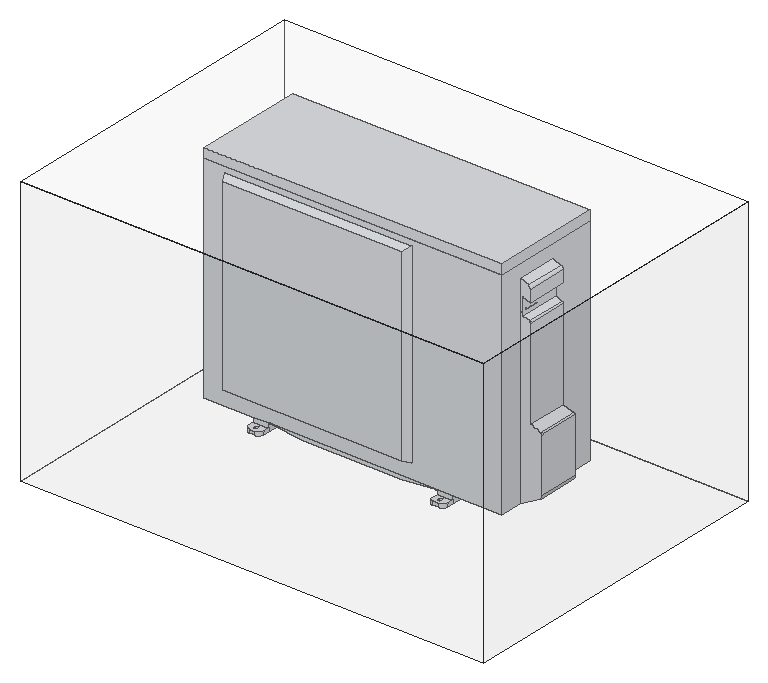
Revit family "puz-ermp40_63ska12_60Hz", category 機械設備, Revit 2019 (continued)
Definition of nested family "PUZ-ZRMP-1"
  Lines and regions (mm)
    model lines, visible <- "タイプ3", not visible
      curve 342: line (-404.5, -100, 907) -> (-404.5, -60, 907)
      curve 343: line (-404.5, -100, 1097) -> (-404.5, -100, 907)
      curve 344: line (-404.5, -60, 1097) -> (-404.5, -100, 1097)
      curve 345: line (-404.5, -60, 907) -> (-404.5, -60, 1097)
      curve 346: line (-404.5, 60, 907) -> (-404.5, 100, 907)
      curve 347: line (-404.5, 60, 1097) -> (-404.5, 60, 907)
      curve 348: line (-404.5, 100, 1097) -> (-404.5, 60, 1097)
      curve 349: line (-404.5, 100, 907) -> (-404.5, 100, 1097)
      curve 350: line (-404.5, -46.667, 907) -> (-404.5, -6.667, 907)
      curve 351: line (-404.5, -46.667, 1097) -> (-404.5, -46.667, 907)
      curve 352: line (-404.5, -6.667, 1097) -> (-404.5, -46.667, 1097)
      curve 353: line (-404.5, -6.667, 907) -> (-404.5, -6.667, 1097)
      curve 354: line (-404.5, 6.667, 907) -> (-404.5, 46.667, 907)
      curve 355: line (-404.5, 6.667, 1097) -> (-404.5, 6.667, 907)
      curve 356: line (-404.5, 46.667, 1097) -> (-404.5, 6.667, 1097)
      curve 357: line (-404.5, 46.667, 907) -> (-404.5, 46.667, 1097)
      curve 358: line (-404.5, -100, 1112) -> (-404.5, -60, 1112)
      curve 359: line (-404.5, -100, 1302) -> (-404.5, -100, 1112)
      curve 360: line (-404.5, -60, 1302) -> (-404.5, -100, 1302)
      curve 361: line (-404.5, -60, 1112) -> (-404.5, -60, 1302)
      curve 362: line (-404.5, 60, 1112) -> (-404.5, 100, 1112)
      curve 363: line (-404.5, 60, 1302) -> (-404.5, 60, 1112)
      curve 364: line (-404.5, 100, 1302) -> (-404.5, 60, 1302)
      curve 365: line (-404.5, 100, 1112) -> (-404.5, 100, 1302)
      curve 366: line (-404.5, -46.667, 1112) -> (-404.5, -6.667, 1112)
      curve 367: line (-404.5, -46.667, 1302) -> (-404.5, -46.667, 1112)
      curve 368: line (-404.5, -6.667, 1302) -> (-404.5, -46.667, 1302)
      curve 369: line (-404.5, -6.667, 1112) -> (-404.5, -6.667, 1302)
      curve 370: line (-404.5, 6.667, 1112) -> (-404.5, 46.667, 1112)
      curve 371: line (-404.5, 6.667, 1302) -> (-404.5, 6.667, 1112)
      curve 372: line (-404.5, 46.667, 1302) -> (-404.5, 6.667, 1302)
      curve 373: line (-404.5, 46.667, 1112) -> (-404.5, 46.667, 1302)
    model lines, visible <- "タイプ2", not visible
      curve 374: line (-600, -100, 33.5) -> (-600, -60, 33.5)
      curve 375: line (-600, -100, 73.5) -> (-600, -100, 33.5)
      curve 376: line (-600, -60, 73.5) -> (-600, -100, 73.5)
      curve 377: line (-600, -60, 33.5) -> (-600, -60, 73.5)
      curve 378: line (-600, 60, 33.5) -> (-600, 100, 33.5)
      curve 379: line (-600, 60, 73.5) -> (-600, 60, 33.5)
      curve 380: line (-600, 100, 73.5) -> (-600, 60, 73.5)
      curve 381: line (-600, 100, 33.5) -> (-600, 100, 73.5)
      curve 382: line (-509, -46.667, 33.5) -> (-509, -6.667, 33.5)
      curve 383: line (-509, -46.667, 73.5) -> (-509, -46.667, 33.5)
      curve 384: line (-509, -6.667, 73.5) -> (-509, -46.667, 73.5)
      curve 385: line (-509, -6.667, 33.5) -> (-509, -6.667, 73.5)
      curve 386: line (-509, 6.667, 33.5) -> (-509, 46.667, 33.5)
      curve 387: line (-509, 6.667, 73.5) -> (-509, 6.667, 33.5)
      curve 388: line (-509, 46.667, 73.5) -> (-509, 6.667, 73.5)
      curve 389: line (-509, 46.667, 33.5) -> (-509, 46.667, 73.5)
      curve 483: line (-404.5, -100, 33.5) -> (-404.5, -60, 33.5)
      curve 484: line (-404.5, -100, 73.5) -> (-404.5, -100, 33.5)
      curve 485: line (-404.5, -60, 73.5) -> (-404.5, -100, 73.5)
      curve 486: line (-404.5, -60, 33.5) -> (-404.5, -60, 73.5)
      curve 487: line (-404.5, 60, 33.5) -> (-404.5, 100, 33.5)
      curve 488: line (-404.5, 60, 73.5) -> (-404.5, 60, 33.5)
      curve 489: line (-404.5, 100, 73.5) -> (-404.5, 60, 73.5)
      curve 490: line (-404.5, 100, 33.5) -> (-404.5, 100, 73.5)
      curve 491: line (-404.5, -46.667, 33.5) -> (-404.5, -6.667, 33.5)
      curve 492: line (-404.5, -46.667, 73.5) -> (-404.5, -46.667, 33.5)
      curve 493: line (-404.5, -6.667, 73.5) -> (-404.5, -46.667, 73.5)
      curve 494: line (-404.5, -6.667, 33.5) -> (-404.5, -6.667, 73.5)
      curve 495: line (-404.5, 6.667, 33.5) -> (-404.5, 46.667, 33.5)
      curve 496: line (-404.5, 6.667, 73.5) -> (-404.5, 6.667, 33.5)
      curve 497: line (-404.5, 46.667, 73.5) -> (-404.5, 6.667, 73.5)
      curve 498: line (-404.5, 46.667, 33.5) -> (-404.5, 46.667, 73.5)
    model lines, not visible
      curve 390: line (-404.5, -100, 87) -> (-404.5, -60, 87)
      curve 391: line (-404.5, -100, 277) -> (-404.5, -100, 87)
      curve 392: line (-404.5, -60, 277) -> (-404.5, -100, 277)
      curve 393: line (-404.5, -60, 87) -> (-404.5, -60, 277)
      curve 394: line (-404.5, -100, 292) -> (-404.5, -60, 292)
      curve 395: line (-404.5, -100, 482) -> (-404.5, -100, 292)
      curve 396: line (-404.5, -60, 482) -> (-404.5, -100, 482)
      curve 397: line (-404.5, -60, 292) -> (-404.5, -60, 482)
      curve 398: line (-404.5, -100, 497) -> (-404.5, -60, 497)
      curve 399: line (-404.5, -100, 687) -> (-404.5, -100, 497)
      curve 400: line (-404.5, -60, 687) -> (-404.5, -100, 687)
      curve 401: line (-404.5, -60, 497) -> (-404.5, -60, 687)
      curve 402: line (-404.5, -100, 702) -> (-404.5, -60, 702)
      curve 403: line (-404.5, -100, 892) -> (-404.5, -100, 702)
      curve 404: line (-404.5, -60, 892) -> (-404.5, -100, 892)
      curve 405: line (-404.5, -60, 702) -> (-404.5, -60, 892)
      curve 406: line (-404.5, 60, 87) -> (-404.5, 100, 87)
      curve 407: line (-404.5, 60, 277) -> (-404.5, 60, 87)
      curve 408: line (-404.5, 100, 277) -> (-404.5, 60, 277)
      curve 409: line (-404.5, 100, 87) -> (-404.5, 100, 277)
      curve 410: line (-404.5, -46.667, 87) -> (-404.5, -6.667, 87)
      curve 411: line (-404.5, -46.667, 277) -> (-404.5, -46.667, 87)
      curve 412: line (-404.5, -6.667, 277) -> (-404.5, -46.667, 277)
      curve 413: line (-404.5, -6.667, 87) -> (-404.5, -6.667, 277)
      curve 414: line (-404.5, 6.667, 87) -> (-404.5, 46.667, 87)
      curve 415: line (-404.5, 6.667, 277) -> (-404.5, 6.667, 87)
      curve 416: line (-404.5, 46.667, 277) -> (-404.5, 6.667, 277)
      curve 417: line (-404.5, 46.667, 87) -> (-404.5, 46.667, 277)
      curve 418: line (-404.5, 60, 292) -> (-404.5, 100, 292)
      curve 419: line (-404.5, 60, 482) -> (-404.5, 60, 292)
      curve 420: line (-404.5, 100, 482) -> (-404.5, 60, 482)
      curve 421: line (-404.5, 100, 292) -> (-404.5, 100, 482)
      curve 422: line (-404.5, 60, 702) -> (-404.5, 100, 702)
      curve 423: line (-404.5, 60, 892) -> (-404.5, 60, 702)
      curve 424: line (-404.5, 100, 892) -> (-404.5, 60, 892)
      curve 425: line (-404.5, 100, 702) -> (-404.5, 100, 892)
      curve 426: line (-404.5, -46.667, 292) -> (-404.5, -6.667, 292)
      curve 427: line (-404.5, -46.667, 482) -> (-404.5, -46.667, 292)
      curve 428: line (-404.5, -6.667, 482) -> (-404.5, -46.667, 482)
      curve 429: line (-404.5, -6.667, 292) -> (-404.5, -6.667, 482)
      curve 430: line (-404.5, -46.667, 497) -> (-404.5, -6.667, 497)
      curve 431: line (-404.5, -46.667, 687) -> (-404.5, -46.667, 497)
      curve 432: line (-404.5, -6.667, 687) -> (-404.5, -46.667, 687)
      curve 433: line (-404.5, -6.667, 497) -> (-404.5, -6.667, 687)
      curve 434: line (-404.5, -46.667, 702) -> (-404.5, -6.667, 702)
      curve 435: line (-404.5, -46.667, 892) -> (-404.5, -46.667, 702)
      curve 436: line (-404.5, -6.667, 892) -> (-404.5, -46.667, 892)
      curve 437: line (-404.5, -6.667, 702) -> (-404.5, -6.667, 892)
      curve 438: line (-404.5, 6.667, 292) -> (-404.5, 46.667, 292)
      curve 439: line (-404.5, 6.667, 482) -> (-404.5, 6.667, 292)
      curve 440: line (-404.5, 46.667, 482) -> (-404.5, 6.667, 482)
      curve 441: line (-404.5, 46.667, 292) -> (-404.5, 46.667, 482)
      curve 442: line (-404.5, 6.667, 497) -> (-404.5, 46.667, 497)
      curve 443: line (-404.5, 6.667, 687) -> (-404.5, 6.667, 497)
      curve 444: line (-404.5, 46.667, 687) -> (-404.5, 6.667, 687)
      curve 445: line (-404.5, 46.667, 497) -> (-404.5, 46.667, 687)
      curve 446: line (-404.5, 6.667, 702) -> (-404.5, 46.667, 702)
      curve 447: line (-404.5, 6.667, 892) -> (-404.5, 6.667, 702)
      curve 448: line (-404.5, 46.667, 892) -> (-404.5, 6.667, 892)
      curve 449: line (-404.5, 46.667, 702) -> (-404.5, 46.667, 892)
      curve 450: line (-338.5, -173.2, 372.5) -> (149.5, -173.2, 372.5)
      curve 451: line (149.5, -173.2, 277.5) -> (-338.5, -173.2, 277.5)
      curve 452: line (-338.5, -173.2, 467.5) -> (149.5, -173.2, 467.5)
      curve 453: line (-338.5, -173.2, 562.5) -> (149.5, -173.2, 562.5)
      curve 454: line (149.5, -173.2, 182.5) -> (-338.5, -173.2, 182.5)
      curve 455: line (149.5, -173.2, 87.5) -> (-338.5, -173.2, 87.5)
      curve 456: line (-321.071, -173.2, 579) -> (-321.071, -173.2, 71)
      curve 457: line (132.071, -173.2, 71) -> (132.071, -173.2, 579)
      curve 458: line (-303.643, -173.2, 579) -> (-303.643, -173.2, 71)
      curve 459: line (-286.214, -173.2, 579) -> (-286.214, -173.2, 71)
      curve 460: line (-268.786, -173.2, 579) -> (-268.786, -173.2, 71)
      curve 461: line (-251.357, -173.2, 579) -> (-251.357, -173.2, 71)
      curve 462: line (-233.929, -173.2, 579) -> (-233.929, -173.2, 71)
      curve 463: line (-216.5, -173.2, 579) -> (-216.5, -173.2, 71)
      curve 464: line (-199.071, -173.2, 579) -> (-199.071, -173.2, 71)
      curve 465: line (-181.643, -173.2, 579) -> (-181.643, -173.2, 71)
      curve 466: line (-164.214, -173.2, 579) -> (-164.214, -173.2, 71)
      curve 467: line (-146.786, -173.2, 579) -> (-146.786, -173.2, 71)
      curve 468: line (-129.357, -173.2, 579) -> (-129.357, -173.2, 71)
      curve 469: line (-111.929, -173.2, 579) -> (-111.929, -173.2, 71)
      curve 470: line (-94.5, -173.2, 579) -> (-94.5, -173.2, 71)
      curve 471: line (-77.071, -173.2, 579) -> (-77.071, -173.2, 71)
      curve 472: line (-59.643, -173.2, 579) -> (-59.643, -173.2, 71)
      curve 473: line (-42.214, -173.2, 579) -> (-42.214, -173.2, 71)
      curve 474: line (-24.786, -173.2, 579) -> (-24.786, -173.2, 71)
      curve 475: line (-7.357, -173.2, 579) -> (-7.357, -173.2, 71)
      curve 476: line (10.071, -173.2, 579) -> (10.071, -173.2, 71)
      curve 477: line (27.5, -173.2, 579) -> (27.5, -173.2, 71)
      curve 478: line (44.929, -173.2, 579) -> (44.929, -173.2, 71)
      curve 479: line (62.357, -173.2, 579) -> (62.357, -173.2, 71)
      curve 480: line (79.786, -173.2, 579) -> (79.786, -173.2, 71)
      curve 481: line (97.214, -173.2, 579) -> (97.214, -173.2, 71)
      curve 482: line (114.643, -173.2, 579) -> (114.643, -173.2, 71)
    symbolic lines, visible <- "タイプ1"
      curve 499: line (-278.151, 150, 630) -> (-404.5, 150, 630)
      curve 500: line (-404.5, 150, 630) -> (-404.5, -5.599, 630)
      curve 501: line (-404.5, 40, 630) -> (-424.5, 30, 630)
      curve 502: line (-424.5, 30, 630) -> (-424.5, -30, 630)
      curve 503: line (-424.5, -30, 630) -> (-404.5, -40, 630)
      curve 504: line (-404.5, -5.599, 630) -> (-404.5, -150, 630)
      curve 505: line (-404.5, -150, 630) -> (-301.612, -150, 630)
      curve 506: arc (-272.806, -170, 630) -> (-268.124, -177.204, 630) -> (-260, -180, 630) r 13.2
      curve 507: line (-260, -180, 630) -> (-243.332, -180, 630)
      curve 508: arc (-243.332, -180, 630) -> (-235.208, -177.204, 630) -> (-230.526, -170, 630) r 13.2
      curve 509: line (-301.612, -150, 630) -> (280.999, -150, 630)
      curve 510: line (230, -150, 630) -> (230, -170, 630)
      curve 511: arc (230, -170, 630) -> (232.929, -177.071, 630) -> (240, -180, 630) r 10
      curve 512: line (240, -180, 630) -> (256.8, -180, 630)
      curve 513: arc (256.8, -180, 630) -> (266.134, -176.134, 630) -> (270, -166.8, 630) r 13.2
      curve 514: line (270, -166.8, 630) -> (270, -150, 630)
      curve 515: line (280.999, -150, 630) -> (404.5, -150, 630)
      curve 516: line (404.5, -150, 630) -> (404.5, -77.105, 630)
      curve 517: line (404.5, -90, 630) -> (466.5, -90, 630)
      curve 518: line (466.5, -90, 630) -> (466.5, 20, 630)
      curve 519: line (466.5, 20, 630) -> (404.5, 20, 630)
      curve 520: line (404.5, -77.105, 630) -> (404.5, 150, 630)
      curve 521: line (404.5, 150, 630) -> (308.975, 150, 630)
      curve 522: line (270, 150, 630) -> (270, 180, 630)
      curve 523: line (270, 180, 630) -> (230, 180, 630)
      curve 524: line (230, 180, 630) -> (230, 150, 630)
      curve 525: line (308.975, 150, 630) -> (-278.151, 150, 630)
      curve 526: line (-230, 150, 630) -> (-230, 180, 630)
      curve 527: line (-230, 180, 630) -> (-270, 180, 630)
      curve 528: line (-270, 180, 630) -> (-270, 150, 630)
      curve 529: line (-324.5, 100, 630) -> (324.5, 100, 630)
      curve 530: line (-324.5, 40, 630) -> (-324.5, 100, 630)
      curve 531: line (324.5, 40, 630) -> (-324.5, 40, 630)
      curve 532: line (324.5, 100, 630) -> (324.5, 40, 630)
      curve 533: line (324.5, 30, 630) -> (-324.5, 30, 630)
      curve 534: line (324.5, -30, 630) -> (324.5, 30, 630)
      curve 535: line (-324.5, -30, 630) -> (324.5, -30, 630)
      curve 536: line (-324.5, 30, 630) -> (-324.5, -30, 630)
      curve 537: line (-324.5, -40, 630) -> (324.5, -40, 630)
      curve 538: line (-324.5, -100, 630) -> (-324.5, -40, 630)
      curve 539: line (324.5, -100, 630) -> (-324.5, -100, 630)
      curve 540: line (324.5, -40, 630) -> (324.5, -100, 630)
      curve 541: line (339.5, 100, 630) -> (354.5, 100, 630)
      curve 542: line (339.5, -100, 630) -> (339.5, 100, 630)
      curve 543: line (354.5, -100, 630) -> (339.5, -100, 630)
      curve 544: line (354.5, 100, 630) -> (354.5, -100, 630)
      curve 545: line (-354.5, 100, 630) -> (-339.5, 100, 630)
      curve 546: line (-354.5, -100, 630) -> (-354.5, 100, 630)
      curve 547: line (-339.5, -100, 630) -> (-354.5, -100, 630)
      curve 548: line (-339.5, 100, 630) -> (-339.5, -100, 630)
      curve 549: line (-338.5, -170, 630) -> (149.5, -170, 630)
      curve 550: line (149.5, -170, 630) -> (159.5, -150, 630)
      curve 551: line (-348.5, -150, 630) -> (-338.5, -170, 630)
  Dimensions and locks
    equal spacing: plane 8, plane 1 "中心(正面/背面)", plane 7
    "奥行き": plane 8 to plane 7
    equal spacing: plane 5, plane 3 "中心(左/右)", plane 6
    "幅さ": plane 5 to plane 6
    "高さ": plane 4 to level
    locked: plane 6 to plane 9 at 62
    locked: plane 8 to plane 10 at 60
    locked: plane 8 to plane 11 at 170
    locked: plane 4 to plane 12 at 25
    locked: plane 13 to plane 5 at 20
    "吊りボルト-D": plane 17 to plane 16
    equal spacing: plane 17, plane 1 "中心(正面/背面)", plane 16
    equal spacing: plane 14, plane 3 "中心(左/右)", plane 15
    "吊りボルト-W": plane 14 to plane 15
    plane 21 to plane 14 to plane 20 = 20 mm locked, 20 mm locked
    plane 19 to plane 15 to plane 18 = 20 mm locked, 20 mm locked
    locked: plane 16 to plane 22 at 15
    locked: plane 23 to plane 17 at 15
    locked: plane 24 to level at 8.5
    locked: plane 25 to level at 20
    locked: plane 26 to plane 24 at 3
    locked: plane 4 to plane 29 at 5
    plane 7 to plane 1 "中心(正面/背面)" to plane 8 = 150 mm, 150 mm
    plane 31 to plane 1 "中心(正面/背面)" to plane 30 = 40 mm locked, 40 mm locked
    plane 33 to plane 1 "中心(正面/背面)" to plane 32 = 30 mm locked, 30 mm locked
    locked: plane 34 to plane 12 at 5
    locked: plane 35 to level at 55
    locked: plane 36 to level at 225
    equal spacing: plane 6, plane 39, plane 9
    locked: plane 6 to plane 38 at 10
    locked: plane 20 to plane 27 at 95
    locked: plane 28 to plane 19 at 95
    "換気-D": plane 40 to plane 8
    "換気-W": plane 41 to plane 5
    "換気-H1": plane 42 to level
    plane 43 to plane 41 to plane 44 = 254 mm locked, 254 mm locked
    plane 45 to plane 42 to plane 46 = 264 mm locked, 264 mm locked
    locked: plane 43 to plane 48 at 10
    locked: plane 47 to plane 44 at 10
    locked: plane 45 to plane 49 at 10
    locked: plane 50 to plane 46 at 10
    locked: curve 26 to plane 50 at 16.5
    locked: plane 49 to curve 24 at 16.5
    equal spacing: curve 24, curve 23, curve 21, curve 22, curve 25, curve 26
    equal spacing: plane 48, curve 28, curve 53, curve 52, curve 51, curve 50, curve 49, curve 48, curve 47, curve 46, curve 45, curve 44, curve 43, curve 42, curve 41, curve 40, curve 39, curve 38, curve 37, curve 36, curve 35, curve 34, curve 33, curve 32, curve 31, curve 30, curve 29, curve 27, plane 47
    locked: curve 4 to curve 6 at 10
    locked: curve 3 to curve 5 at 10
    locked: plane 51 to plane 7 at 50
    locked: plane 8 to plane 52 at 50
    equal spacing: group 1, group 2, group 3, group 4, group 5, group 6, group 7, group 8, group 9, group 10, group 11, group 12, group 13, group 14, group 15, group 16, group 17, group 18  (x2)
    equal spacing: group 18, group 17, group 16, group 15, group 14, group 13, group 12, group 11, group 10, group 9, group 8, group 7, group 6, group 5, group 4, group 3, group 2, group 1
    "ドレン管径-X": plane 5 to plane 53
    "ドレン管径-Y": plane 8 to plane 54
    "配線取出口-Y": plane 57 to plane 7
    "冷媒液管径-Y": plane 58 to plane 7
    "冷媒ガス管径-Y": plane 59 to plane 7
    "配線取出口-X": plane 3 "中心(左/右)" to plane 56
    "冷媒ガス管径-X": plane 3 "中心(左/右)" to plane 55
    "冷媒液管径-X": plane 3 "中心(左/右)" to plane 60
    "冷媒液管径-Z": plane 62 to level
    "冷媒ガス管径-Z": plane 61 to level
    "配線取出口-Z": plane 63 to level
    locked: plane 57 to plane 64 at 50
    locked: plane 65 to plane 61 at 37.8
    locked: plane 66 to plane 62 at 16.1
    equal spacing: plane 55, plane 67, plane 60
    equal spacing: plane 58, plane 68, plane 59
    "a": plane 69 "グループ" to plane 3 "中心(左/右)"
    plane 71 to level = 943 mm
    plane 70 to level = 1338 mm
    locked: plane 37 to level at 570
    curve 21 to plane 42 to curve 22 = 47.5 mm locked, 47.5 mm locked
    "換気-H2": plane 72 to plane 42
    plane 73 to plane 72 to plane 74 = 264 mm locked, 264 mm locked
    locked: plane 76 to plane 74 at 10
    locked: plane 73 to plane 75 at 10
    plane 48 to plane 47 = 488 mm
    plane 68 to plane 7 = 185.5 mm
    plane 61 to level = 99.5 mm
    plane 65 to plane 61 = 37.8 mm
    plane 62 to level = 164.5 mm
    plane 66 to plane 62 = 16.1 mm
    plane 68 to plane 77 to plane 78 = 23 mm locked, 17.5 mm locked
    plane 68 to plane 77 = 23 mm
    plane 77 to plane 78 = 17.5 mm
    equal spacing: plane 77, plane 79, plane 78
    "ドレン配管サイズ": diameter of Extrusion 3 sketch curve
    "配線取出口サイズ": diameter of Extrusion 9 sketch curve
    "吊りボルト-φ": diameter of Extrusion 10 sketch curve  (x4)
    "冷媒配管サイズ": diameter of Sweep 11 sketch curve
    "ガス配管サイズ": diameter of Sweep 12 sketch curve
    aligned and locked: level to plane 2
    aligned and locked: Extrusion 1 to level
    aligned and locked: plane 25 to Extrusion 1
    aligned and locked: Extrusion 2 sketch curve to plane 25
    aligned and locked: Extrusion 2 sketch curve to plane 26
    aligned and locked: Extrusion 2 to plane 7
    aligned and locked: plane 8 to Extrusion 2
    aligned and locked: Extrusion 3 to plane 26
    aligned and locked: Extrusion 3 to plane 24
    aligned and locked: Extrusion 4 sketch curve to plane 7
    aligned and locked: Extrusion 4 sketch curve to plane 8
    aligned and locked: Extrusion 4 sketch curve to plane 5
    aligned and locked: Extrusion 4 sketch curve to plane 6
    aligned and locked: Extrusion 4 to plane 25
    aligned and locked: plane 12 to Extrusion 4
    aligned and locked: Extrusion 5 sketch curve to Extrusion 4  (x4)
    aligned and locked: Extrusion 5 to plane 12
    aligned and locked: plane 4 to Extrusion 5
    aligned and locked: plane 29 to Blend 6 sketch curve
    aligned and locked: Blend 6 sketch curve to plane 31
    aligned and locked: Blend 6 sketch curve to plane 12  (x2)
    aligned and locked: plane 30 to Blend 6 sketch curve
    aligned and locked: plane 34 to Blend 6 sketch curve
    aligned and locked: Blend 6 sketch curve to plane 33
    aligned and locked: plane 32 to Blend 6 sketch curve
    aligned and locked: Blend 6 to plane 13
    aligned and locked: plane 5 to Blend 6
    aligned and locked: Extrusion 7 sketch curve to plane 6
    aligned and locked: Extrusion 7 sketch curve to plane 9
    aligned and locked: Extrusion 7 sketch curve to plane 39
    aligned and locked: Extrusion 7 sketch curve to Extrusion 7 sketch curve
    aligned and locked: Extrusion 7 sketch curve to plane 38
    aligned and locked: Extrusion 7 to plane 11
    aligned and locked: plane 10 to Extrusion 7
    aligned and locked: Blend 8 sketch curve to plane 45
    aligned and locked: Blend 8 sketch curve to plane 46
    aligned and locked: Blend 8 sketch curve to plane 44
    aligned and locked: Blend 8 sketch curve to plane 43
    aligned and locked: Blend 8 sketch curve to plane 49
    aligned and locked: Blend 8 sketch curve to plane 47
    aligned and locked: Blend 8 sketch curve to plane 48
    aligned and locked: Blend 8 sketch curve to plane 50
    aligned and locked: Blend 8 to plane 8
    aligned and locked: plane 40 to Blend 8
    aligned and locked: curve 17 to plane 51
    aligned and locked: curve 1 to plane 51
    aligned and locked: plane 51 to curve 19
    aligned and locked: curve 18 to plane 52
    aligned and locked: plane 52 to curve 2
    aligned and locked: plane 52 to curve 20
    aligned and locked: plane 53 to Extrusion 3 sketch curve
    aligned and locked: plane 54 to Extrusion 3 sketch curve
    aligned and locked: plane 63 to Extrusion 9 sketch curve
    aligned and locked: plane 56 to Extrusion 9 sketch curve
    aligned and locked: plane 57 to Extrusion 9
    aligned and locked: Extrusion 9 to plane 64
    aligned and locked: plane 22 to Extrusion 10 sketch curve  (x4)
    aligned and locked: plane 21 to Extrusion 10 sketch curve
    aligned and locked: Extrusion 2 to Extrusion 10 sketch curve  (x2)
    aligned and locked: Extrusion 10 sketch curve to Extrusion 1  (x6)
    aligned and locked: plane 19 to Extrusion 10 sketch curve
    aligned and locked: Extrusion 10 sketch curve to plane 23  (x2)
    aligned and locked: Extrusion 10 sketch curve to plane 18
    aligned and locked: Extrusion 10 sketch curve to plane 20
    aligned and locked: plane 16 to Extrusion 10 sketch curve  (x2)
    aligned and locked: plane 14 to Extrusion 10 sketch curve  (x2)
    aligned and locked: plane 17 to Extrusion 10 sketch curve  (x2)
    aligned and locked: plane 15 to Extrusion 10 sketch curve  (x2)
    aligned and locked: level to Extrusion 10
    aligned and locked: plane 24 to Extrusion 10
    aligned and locked: Masking region 1 sketch curve to Extrusion 5  (x4)
    aligned and locked: Masking region 1 sketch curve to Blend 6  (x3)
    aligned and locked: Masking region 1 sketch curve to Extrusion 7  (x2)
    aligned and locked: Masking region 1 sketch curve to plane 9
    aligned and locked: Masking region 1 sketch curve to Extrusion 10  (x8)
    aligned and locked: Masking region 1 to curve 499
    aligned and locked: curve 500 to Masking region 1
    aligned and locked: curve 501 to Masking region 1
    aligned and locked: curve 502 to Masking region 1
    aligned and locked: curve 503 to Masking region 1
    aligned and locked: curve 504 to Masking region 1
    aligned and locked: curve 505 to Masking region 1
    aligned and locked: curve 506 to Masking region 1
    aligned and locked: curve 508 to Masking region 1
    aligned and locked: curve 510 to Masking region 1
    aligned and locked: curve 511 to Masking region 1
    aligned and locked: curve 513 to Masking region 1
    aligned and locked: Masking region 1 to curve 515
    aligned and locked: curve 516 to Masking region 1
    aligned and locked: curve 517 to Masking region 1
    aligned and locked: curve 518 to Masking region 1
    aligned and locked: curve 519 to Masking region 1
    aligned and locked: curve 520 to Masking region 1
    aligned and locked: curve 521 to Masking region 1
    aligned and locked: curve 522 to Masking region 1
    aligned and locked: curve 523 to Masking region 1
    aligned and locked: curve 524 to Masking region 1
    aligned and locked: curve 525 to Masking region 1
    aligned and locked: curve 526 to Masking region 1
    aligned and locked: curve 527 to Masking region 1
    aligned and locked: curve 528 to Masking region 1
    aligned and locked: curve 532 to curve 12
    aligned and locked: Masking region 1 sketch curve to curve 21
    aligned and locked: Masking region 1 sketch curve to Blend 8  (x2)
    aligned and locked: curve 549 to Blend 8
    aligned and locked: curve 550 to Blend 8
    aligned and locked: curve 551 to Blend 8
    aligned and locked: plane 78 to Sweep 12 sketch curve
    aligned and locked: plane 58 to Sweep 12 sketch curve
    aligned and locked: plane 77 to Sweep 11 sketch curve
    aligned and locked: plane 58 to Sweep 11 sketch curve
    aligned and locked: plane 61 to Sweep 12 sketch curve
  Automatic sketch dimensions
    Extrusion 2 sketch curve to plane 20 = 0 mm
    Extrusion 2 sketch curve to plane 27 = 0 mm
    Extrusion 2 sketch curve to plane 28 = 0 mm
    Extrusion 2 sketch curve to plane 19 = 0 mm
    Extrusion 7 sketch curve to plane 39 = 0 mm
    Extrusion 7 sketch curve to plane 25 = 0 mm
    Extrusion 7 sketch curve to plane 36 = 0 mm
    Extrusion 7 sketch curve to plane 37 = 0 mm
    Extrusion 7 sketch curve to Extrusion 7 sketch curve = 10 mm
    Extrusion 7 sketch curve to plane 39 = 6.58 mm
    Extrusion 7 sketch curve to Extrusion 7 sketch curve = 5 mm  (x2)
    plane 39 to Extrusion 7 sketch curve = 21 mm
    Extrusion 7 sketch curve to plane 39 = 3.29 mm
    Extrusion 7 sketch curve to plane 9 = 3.29 mm
    Extrusion 7 sketch curve to plane 35 = 2.87 mm
    Extrusion 7 sketch curve to Extrusion 7 sketch curve = 81.633 mm
    Extrusion 7 sketch curve to Extrusion 7 sketch curve = 30.244 mm
    Extrusion 7 sketch curve to Extrusion 7 sketch curve = 7.643 mm
    plane 7 to Extrusion 1 sketch curve = 0 mm  (x2)
    Extrusion 1 sketch curve to plane 18 = 0 mm
    plane 8 to Extrusion 1 sketch curve = 0 mm  (x2)
    Extrusion 1 sketch curve to plane 19 = 0 mm
    Extrusion 1 sketch curve to plane 20 = 0 mm
    Extrusion 1 sketch curve to plane 21 = 0 mm
    curve 383 to curve 384 = 40 mm
    curve 382 to curve 386 = 13.333 mm
    curve 386 to curve 386 = 40 mm
    curve 382 to curve 389 = 0 mm
    curve 382 to curve 384 = 40 mm
    curve 384 to curve 387 = 0 mm
    curve 375 to curve 376 = 40 mm
    curve 374 to curve 378 = 120 mm
    curve 378 to curve 378 = 40 mm
    curve 374 to curve 381 = 0 mm
    curve 374 to curve 376 = 40 mm
    curve 378 to curve 379 = 40 mm
    curve 25 to plane 47 = 0 mm
    curve 24 to plane 47 = 0 mm
    curve 22 to plane 47 = 0 mm
    curve 23 to plane 47 = 0 mm
    curve 26 to plane 47 = 0 mm
    curve 21 to plane 47 = 0 mm
    curve 24 to plane 48 = 0 mm
    curve 25 to plane 48 = 0 mm
    curve 26 to plane 48 = 0 mm
    curve 23 to plane 48 = 0 mm
    curve 22 to plane 48 = 0 mm
    curve 21 to plane 48 = 0 mm
    curve 37 to plane 50 = 0 mm
    curve 52 to plane 50 = 0 mm
    curve 51 to plane 50 = 0 mm
    curve 50 to plane 50 = 0 mm
    curve 49 to plane 50 = 0 mm
    curve 48 to plane 50 = 0 mm
    curve 47 to plane 50 = 0 mm
    curve 46 to plane 50 = 0 mm
    curve 45 to plane 50 = 0 mm
    curve 44 to plane 50 = 0 mm
    curve 43 to plane 50 = 0 mm
    curve 42 to plane 50 = 0 mm
    curve 41 to plane 50 = 0 mm
    curve 27 to plane 50 = 0 mm
    curve 28 to plane 50 = 0 mm
    curve 40 to plane 50 = 0 mm
    curve 39 to plane 50 = 0 mm
    curve 29 to plane 50 = 0 mm
    curve 38 to plane 50 = 0 mm
    curve 30 to plane 50 = 0 mm
    curve 53 to plane 50 = 0 mm
    curve 31 to plane 50 = 0 mm
    curve 36 to plane 50 = 0 mm
    curve 32 to plane 50 = 0 mm
    curve 35 to plane 50 = 0 mm
    curve 33 to plane 50 = 0 mm
    curve 34 to plane 50 = 0 mm
    curve 28 to plane 49 = 0 mm
    curve 41 to plane 49 = 0 mm
    curve 27 to plane 49 = 0 mm
    curve 42 to plane 49 = 0 mm
    curve 31 to plane 49 = 0 mm
    curve 40 to plane 49 = 0 mm
    curve 37 to plane 49 = 0 mm
    curve 39 to plane 49 = 0 mm
    curve 32 to plane 49 = 0 mm
    curve 45 to plane 49 = 0 mm
    curve 36 to plane 49 = 0 mm
    curve 46 to plane 49 = 0 mm
    curve 43 to plane 49 = 0 mm
    curve 47 to plane 49 = 0 mm
    curve 29 to plane 49 = 0 mm
    curve 48 to plane 49 = 0 mm
    curve 30 to plane 49 = 0 mm
    curve 49 to plane 49 = 0 mm
    curve 44 to plane 49 = 0 mm
    curve 50 to plane 49 = 0 mm
    curve 33 to plane 49 = 0 mm
    curve 51 to plane 49 = 0 mm
    curve 35 to plane 49 = 0 mm
    curve 52 to plane 49 = 0 mm
    curve 38 to plane 49 = 0 mm
    curve 53 to plane 49 = 0 mm
    curve 34 to plane 49 = 0 mm
    Masking region 1 sketch curve to plane 5 = 0 mm
    Masking region 1 sketch curve to plane 6 = 0 mm
    plane 7 to Masking region 1 sketch curve = 0 mm  (x2)
    Masking region 1 sketch curve to plane 15 = 10 mm
    Masking region 1 sketch curve to plane 19 = 0 mm
    plane 8 to Masking region 1 sketch curve = 0 mm  (x2)
    plane 32 to curve 535 = 0 mm
    plane 33 to curve 534 = 0 mm
    curve 541 to plane 56 = 45.5 mm
    curve 13 to curve 20 = 15 mm
    plane 18 to curve 535 = 54.5 mm
    curve 532 to curve 6 = 0 mm
    curve 537 to curve 5 = 0 mm
    plane 47 to curve 536 = 14 mm
    plane 47 to curve 538 = 14 mm
    plane 47 to curve 1 = 14 mm
    curve 16 to plane 47 = 1 mm
    curve 15 to plane 44 = 6 mm
    plane 1 "中心(正面/背面)" to curve 504 = 5.599 mm
    curve 528 to curve 499 = 8.151 mm
    curve 521 to curve 522 = 38.975 mm
    curve 516 to plane 10 = 12.895 mm
    curve 515 to curve 514 = 10.999 mm
    plane 40 to Masking region 1 sketch curve = 0 mm
    Masking region 1 sketch curve to plane 40 = 3.2 mm  (x2)
    Masking region 1 sketch curve to plane 14 = 10 mm
    Masking region 1 sketch curve to plane 20 = 0.526 mm
    curve 509 to plane 21 = 31.612 mm
    Sweep 12 sketch curve to plane 65 = 0 mm
    Sweep 11 sketch curve to plane 62 = 0 mm
    Sweep 11 sketch curve to plane 66 = 0 mm
    plane 40 to Extrusion 10 sketch curve = 0 mm
    plane 17 to Extrusion 10 sketch curve = 0 mm  (x2)
    Extrusion 10 sketch curve to Extrusion 10 sketch curve = 1.8 mm  (x3)
    plane 17 to Extrusion 10 sketch curve = 1.8 mm  (x2)
    Extrusion 10 sketch curve to Extrusion 10 sketch curve = 0 mm
    Sweep 11 sketch curve to plane 67 = 0 mm
    Sweep 11 sketch curve to profile plane = 0 mm
    Sweep 12 sketch curve to plane 67 = 0 mm
    Sweep 12 sketch curve to profile plane = 0 mm
Definition of nested family "固定点"
  Parameters (values of type "固定点")
    中心円 = if(W > 599 mm, 12 mm, 10 mm)  # 12 mm
    W = 1000 mm
    D = 1000 mm
  Reference planes
    plane 1 "中心(正面/背面)": y = 0
    plane 2: z = 0
    plane 3 "中心(左/右)": x = 0
    plane 4: x = 1000
    plane 5: y = 1000
  Lines and regions (mm)
    symbolic lines, detail levels fine
      curve 1: circle (0, 1000, 0) r 6 normal (0, 0, 1)
      curve 2: circle (0, 0, 0) r 6 normal (0, 0, 1)
      curve 3: circle (1000, 1000, 0) r 6 normal (0, 0, 1)
      curve 4: circle (1000, 0, 0) r 6 normal (0, 0, 1)
      curve 5: line (-200, 1000, 0) -> (1200, 1000, 0)
      curve 6: line (-200, 0, 0) -> (1200, 0, 0)
      curve 7: line (0, 1200, 0) -> (0, -200, 0)
      curve 8: line (1000, 1200, 0) -> (1000, -200, 0)
  Dimensions and locks
    "W": plane 3 "中心(左/右)" to plane 4
    "D": plane 1 "中心(正面/背面)" to plane 5
    "中心円": diameter of curve 1
    "中心円": diameter of curve 2
    "中心円": diameter of curve 3
    "中心円": diameter of curve 4
    aligned and locked: level to plane 2
    aligned and locked: plane 5 to curve 1
    aligned and locked: plane 3 "中心(左/右)" to curve 1
    aligned and locked: plane 3 "中心(左/右)" to curve 2
    aligned and locked: plane 1 "中心(正面/背面)" to curve 2
    aligned and locked: plane 4 to curve 3
    aligned and locked: plane 5 to curve 3
    aligned and locked: plane 1 "中心(正面/背面)" to curve 4
    aligned and locked: plane 4 to curve 4
    aligned and locked: plane 1 "中心(正面/背面)" to curve 6
    aligned and locked: curve 7 to plane 3 "中心(左/右)"
    aligned and locked: curve 8 to plane 4
  Automatic sketch dimensions
    curve 5 to plane 5 = 0 mm
    curve 6 to plane 3 "中心(左/右)" = 200 mm
    curve 5 to plane 3 "中心(左/右)" = 200 mm
    curve 4 to curve 6 = 200 mm
    curve 3 to curve 5 = 200 mm
    plane 1 "中心(正面/背面)" to curve 8 = 200 mm
    plane 1 "中心(正面/背面)" to curve 7 = 200 mm
    curve 3 to curve 8 = 200 mm
    curve 1 to curve 7 = 200 mm
Types (10, lengths in mm): name | 音響パワーレベル（冷）(dB) | 音響パワーレベル(dB) | 電動機出力_圧縮機 | 質量 | 製品質量 | 相 | 消費電力_暖房 | 消費電力_冷房 | 消費電力 | 構成品番 | 極数 | 暖房能力 | 推奨ブレーカー容量 | 価格 | 冷房能力 | URL
  PUZ-ERMP40SKA12 | 64 | 66 | 0.7 kW | 45.60 kg | 38.00 kg | 3 | 0.871 kW | 0.759 kW | 0.871 kW | "PUZ-ERMP40KA" | 3 | 4 kW | 15 A | 486000 | 3.6 kW | "https://www.mitsubishielectric.co.jp/ldg/wink/ssl/displayProduct.do?pid=323543"
  PUZ-ERMP40KA12 | 64 | 66 | 0.7 kW | 48.00 kg | 40.00 kg | 1 | 0.871 kW | 0.759 kW | 0.871 kW | "PUZ-ERMP40SKA" | 1 | 4 kW | 20 A | 486000 | 3.6 kW | "https://www.mitsubishielectric.co.jp/ldg/wink/ssl/displayProduct.do?pid=323542"
  PUZ-ERMP45SKA12 | 64 | 66 | 0.9 kW | 48.00 kg | 40.00 kg | 1 | 1.05 kW | 0.91 kW | 1.05 kW | "PUZ-ERMP45SKA" | 1 | 4.5 kW | 20 A | 530000 | 4 kW | "https://www.mitsubishielectric.co.jp/ldg/wink/ssl/displayProduct.do?pid=323549"
  PUZ-ERMP45KA12 | 64 | 66 | 0.9 kW | 45.60 kg | 38.00 kg | 3 | 1.05 kW | 0.91 kW | 1.05 kW | "PUZ-ERMP45KA" | 3 | 4.5 kW | 15 A | 530000 | 4 kW | "https://www.mitsubishielectric.co.jp/ldg/wink/ssl/displayProduct.do?pid=323548"
  PUZ-ERMP50SKA12 | 65 | 67 | 1 kW | 48.00 kg | 40.00 kg | 1 | 1.17 kW | 1.05 kW | 1.17 kW | "PUZ-ERMP50SKA" | 1 | 5 kW | 20 A | 570000 | 4.5 kW | "https://www.mitsubishielectric.co.jp/ldg/wink/ssl/displayProduct.do?pid=323555"
  PUZ-ERMP50KA12 | 65 | 67 | 1 kW | 45.60 kg | 38.00 kg | 3 | 1.17 kW | 1.05 kW | 1.17 kW | "PUZ-ERMP50KA" | 3 | 5 kW | 15 A | 570000 | 4.5 kW | "https://www.mitsubishielectric.co.jp/ldg/wink/ssl/displayProduct.do?pid=323554"
  PUZ-ERMP56SKA12 | 65 | 67 | 1.2 kW | 48.00 kg | 40.00 kg | 1 | 1.34 kW | 1.26 kW | 1.34 kW | "PUZ-ERMP56SKA" | 1 | 5.6 kW | 20 A | 600000 | 5 kW | "https://www.mitsubishielectric.co.jp/ldg/wink/ssl/displayProduct.do?pid=323640"
  PUZ-ERMP56KA12 | 65 | 67 | 1.2 kW | 45.60 kg | 38.00 kg | 3 | 1.34 kW | 1.26 kW | 1.34 kW | "PUZ-ERMP56KA" | 3 | 5.6 kW | 15 A | 600000 | 5 kW | "https://www.mitsubishielectric.co.jp/ldg/wink/ssl/displayProduct.do?pid=323560"
  PUZ-ERMP63SKA12 | 65 | 67 | 1.3 kW | 48.00 kg | 40.00 kg | 1 | 1.4 kW | 1.38 kW | 1.4 kW | "PUZ-ERMP63SKA" | 1 | 6.3 kW | 30 A | 659000 | 5.6 kW | "https://www.mitsubishielectric.co.jp/ldg/wink/ssl/displayProduct.do?pid=323641"
  PUZ-ERMP63KA12 | 65 | 67 | 1.3 kW | 46.80 kg | 39.00 kg | 3 | 1.4 kW | 1.38 kW | 1.4 kW | "PUZ-ERMP63KA" | 3 | 6.3 kW | 15 A | 659000 | 5.6 kW | "https://www.mitsubishielectric.co.jp/ldg/wink/ssl/displayProduct.do?pid=323565"
